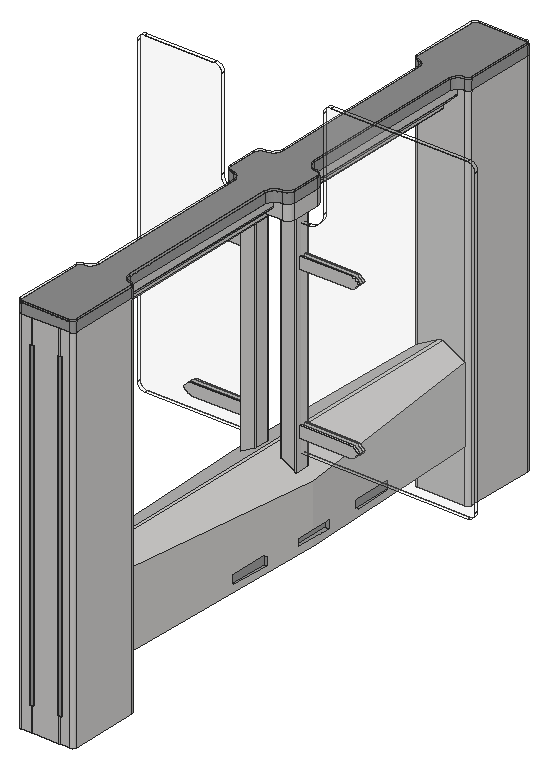
Revit family "CAME_Турникет_Скоростной_SWINGGATE_SWG90MРаздвижнойЦентральныйМодуль", category Специальное оборудование, Revit 2019
Family settings
  Размер круглого соединителя = Использовать диаметр
  Тип детали = Нормальный
  На основе рабочей плоскости = Нет
  Всегда вертикально = Да
  При загрузке вырезать с полостями = Нет
  Общий = Нет
  Точка расчета площади = Нет
Parameters (values of type "550 + 900")
  х2 = 102.5 mm  # constant formula
  х1 = 72.5 mm  # constant formula
  Правая = 425 mm  # constant formula
  Описание = "Комбинированный центральный модуль распашного турникета SWING GATE SWG90M, оснащенный платой управления и светодиодными указателями прохода и направления. Корпус - нержавеющая сталь. Сервопозиционный электропривод створки с определением препятствий и автоматической разблокировкой при отключении электроэнергии. Створка из 10 мм закаленного стекла. Ширина прохода 550 + 900 мм. Высота створки 1200 мм. Время открытия - 2.2 сек."
  Левая = 250 mm
  Изготовитель = "CAME"  # constant formula
  Группа модели = "Турникеты"  # constant formula
  Watermark [instance] = "Модели защищены уникальным кодом"
  URL = "https://camerussia.com"
  CAME_Тип механизма турникета = "моторизованный"  # constant formula
  CAME_Напряжение электропитания двигателя (В) = 24 V  # constant formula
  CAME_Максимальное количество проходов в минуту = "30"  # constant formula
  CAME_Класс защиты (IP) = "44"  # constant formula
  CAME_Интенсивность использования (%) = "ИНТЕНСИВНОЕ"  # constant formula
  CAME_Диапазон рабочих температур (°C) = "-20 ÷ +68"  # constant formula
  CAME_Время открывания (с) = "2.2"  # constant formula
  BL_Разработано = "support@bimlib.pro"  # constant formula
  BL_Email = "cru.info@came.com"  # constant formula
  BL_BIM library = "https://bimlib.pro/manufacturer/came/cf0b6efe-31e5-4ffa-b7ea-1d6fa84041d4/?tab=products"
  ADSK_Размер_Ширина = 205 mm + Левая + Правая  # 880 mm
  ADSK_Размер_Глубина = 1488 mm  # constant formula
  ADSK_Размер_Высота = 1000 mm  # constant formula
  ADSK_Полная мощность = ADSK_Номинальная мощность / ADSK_Коэффициент мощности  # 81.25 VA
  ADSK_Обозначение = "ТУ 26.30.50-001-89603926-2021"  # constant formula
  ADSK_Номинальная мощность = 78 W  # constant formula
  ADSK_Напряжение = 230 V  # constant formula
  ADSK_Наименование краткое = if(Левая = 250 mm, "Центр. модуль турникета SWING GATE SWG90, 550 + 900 мм", "Центр. модуль турникета SWING GATE SWG90, 900 + 900 мм")  # "Центр. модуль турникета SWING GATE SWG90, 550 + 900 мм"
  ADSK_Наименование = if(Левая = 250 mm, "Центральный модуль скоростного распашного турникета SWING GATE SWG90 комбинированный, ширина прохода 550 + 900 мм", "Центральный модуль скоростного распашного турникета SWING GATE SWG90, ширина прохода 900 + 900 мм")  # "Центральный модуль скоростного распашного турникета SWING GATE SWG90 комбинированный, ширина прохода 550 + 900 мм"
  ADSK_Масса_Текст = if(Левая = 250 mm, "77", "90")  # "77"
  ADSK_Масса = if(Левая = 250 mm, 77, 90)  # 77
  ADSK_Марка = if(Левая = 250 mm, "АРТ:001SWG5590MC", "АРТ:001SWG90MC")  # "АРТ:001SWG5590MC"
  ADSK_Коэффициент мощности = 0.96
  ADSK_Количество фаз = 1  # constant formula
  ADSK_Количество = 1  # constant formula
  ADSK_Код изделия = "Код КСР 26.30.50.119.61.2.07.09"  # constant formula
  ADSK_Классификация нагрузок = Прочее
  ADSK_Завод-изготовитель = "CAME"  # constant formula
  ADSK_Единица измерения = "шт."  # constant formula
  ADSK_Группирование = "SWING GATE"  # constant formula
  ADSK_Версия семейства = "1.0"  # constant formula
  ADSK_Версия Revit = "2019"  # constant formula
  ADSK_URL страницы изделия = "https://camerussia.com/product/001swg5590mc/"
  ADSK_URL документации изделия = "https://camerussia.com/uploads/support/instructions/files/Инструкция%20Swing%20Gate%20SWG55-SWG90.pdf"
Types (3, lengths in mm): name | Описание | Левая | ADSK_Размер_Ширина | ADSK_Наименование краткое | ADSK_Наименование | ADSK_Масса_Текст | ADSK_Масса | ADSK_Марка | ADSK_URL страницы изделия
  (no name) | "Комбинированный центральный модуль распашного турникета SWING GATE SWG90M, оснащенный платой управления и светодиодными указателями прохода и направления. Корпус - нержавеющая сталь. Сервопозиционный электропривод створки с определением препятствий и автоматической разблокировкой при отключении электроэнергии. Створка из 10 мм закаленного стекла. Ширина прохода 550 + 900 мм. Высота створки 1200 мм. Время открытия - 2.2 сек." | 250 | 880 | "Центр. модуль турникета SWING GATE SWG90, 550 + 900 мм" | "Центральный модуль скоростного распашного турникета SWING GATE SWG90 комбинированный, ширина прохода 550 + 900 мм" | "77" | 77 | "АРТ:001SWG5590MC" | "https://camerussia.com/product/001swg5590mc/"
  550 + 900 | "Комбинированный центральный модуль распашного турникета SWING GATE SWG90M, оснащенный платой управления и светодиодными указателями прохода и направления. Корпус - нержавеющая сталь. Сервопозиционный электропривод створки с определением препятствий и автоматической разблокировкой при отключении электроэнергии. Створка из 10 мм закаленного стекла. Ширина прохода 550 + 900 мм. Высота створки 1200 мм. Время открытия - 2.2 сек." | 250 | 880 | "Центр. модуль турникета SWING GATE SWG90, 550 + 900 мм" | "Центральный модуль скоростного распашного турникета SWING GATE SWG90 комбинированный, ширина прохода 550 + 900 мм" | "77" | 77 | "АРТ:001SWG5590MC" | "https://camerussia.com/product/001swg5590mc/"
  900 + 900 | "Центральный модуль распашного турникета SWING GATE SWG90M, оснащенный платой управления и светодиодными указателями прохода и направления. Корпус - нержавеющая сталь. Сервопозиционный электропривод створки с определением препятствий и автоматической разблокировкой при отключении электроэнергии. Створка из 10 мм закаленного стекла. Ширина прохода 900 мм. Высота створки 1200 мм. Время открытия - 2.2 сек." | 425 | 1055 | "Центр. модуль турникета SWING GATE SWG90, 900 + 900 мм" | "Центральный модуль скоростного распашного турникета SWING GATE SWG90, ширина прохода 900 + 900 мм" | "90" | 90 | "АРТ:001SWG90MC" | "https://camerussia.com/product/001swg90mc/"
Reference planes
  plane 1 "По центру (Вперед/Назад)": y = 0
  plane 2: z = 0
  plane 3 "По центру (Влево/Вправо)": x = 0
  plane 4: y = 744
  plane 5: y = -744
  plane 6: z = 1000
  plane 7: x = -102.5
  plane 8: x = 102.5
  plane 9: x = -72.5
  plane 10: x = 72.5
  plane 11: z = 1200
  plane 12: y = 544
  plane 13: y = -544
  plane 14: z = 970
  plane 15: z = 105
  plane 16: z = 365
  plane 17: z = 312.5
  plane 18: z = 157.5
  plane 19: x = -5
  plane 20: x = 5
  plane 21: z = 930
  plane 22: z = 905
  plane 23: x = -202.5
  plane 24: x = -227.5
  plane 25: x = 202.5
  plane 26: x = 227.5
  plane 27: x = -36.25
  plane 28: x = 36.25
  plane 29: x = -36.25
  plane 30: x = 36.25
  plane 31: x = 527.5
  plane 32: x = -352.5
Forms (mm)
  Extrusion 1, solid, material "CAME_Стекло_Закаленное_Черное", detail levels fine
    sketch origin (-925.693, -1524, 1000) x (-1, 0, 0) y (0, -1, 0)
      loop
        arc (-863.193, -2268) -> (-856.122, -2265.071) -> (-853.193, -2258) r 10
        line (-853.193, -2258) -> (-853.193, -2078)
        arc (-853.193, -2078) -> (-856.122, -2070.929) -> (-863.193, -2068) r 10
        arc (-863.193, -2068) -> (-879.103, -2061.41) -> (-885.693, -2045.5) r 22.5
        line (-885.693, -2045.5) -> (-885.693, -1604)
        arc (-885.693, -1604) -> (-878.371, -1586.322) -> (-860.693, -1579) r 25
        arc (-860.693, -1579) -> (-848.334, -1573.88) -> (-843.214, -1561.521) r 17.479
        line (-843.214, -1561.521) -> (-843.214, -1486.479)
        arc (-843.214, -1486.479) -> (-848.334, -1474.12) -> (-860.693, -1469) r 17.479
        arc (-860.693, -1469) -> (-878.371, -1461.678) -> (-885.693, -1444) r 25
        line (-885.693, -1444) -> (-885.693, -1002.5)
        arc (-885.693, -1002.5) -> (-879.103, -986.59) -> (-863.193, -980) r 22.5
        arc (-863.193, -980) -> (-856.122, -977.071) -> (-853.193, -970) r 10
        line (-853.193, -970) -> (-853.193, -790)
        arc (-853.193, -790) -> (-856.122, -782.929) -> (-863.193, -780) r 10
        line (-863.193, -780) -> (-988.193, -780)
        arc (-988.193, -780) -> (-995.264, -782.929) -> (-998.193, -790) r 10
        line (-998.193, -790) -> (-998.193, -970)
        arc (-998.193, -970) -> (-995.264, -977.071) -> (-988.193, -980) r 10
        arc (-988.193, -980) -> (-972.283, -986.59) -> (-965.693, -1002.5) r 22.5
        line (-965.693, -1002.5) -> (-965.693, -1444)
        arc (-965.693, -1444) -> (-973.016, -1461.678) -> (-990.693, -1469) r 25
        arc (-990.693, -1469) -> (-1003.053, -1474.12) -> (-1008.173, -1486.479) r 17.479
        line (-1008.173, -1486.479) -> (-1008.173, -1561.521)
        arc (-1008.173, -1561.521) -> (-1003.053, -1573.88) -> (-990.693, -1579) r 17.479
        arc (-990.693, -1579) -> (-973.016, -1586.322) -> (-965.693, -1604) r 25
        line (-965.693, -1604) -> (-965.693, -2045.5)
        arc (-965.693, -2045.5) -> (-972.283, -2061.41) -> (-988.193, -2068) r 22.5
        arc (-988.193, -2068) -> (-995.264, -2070.929) -> (-998.193, -2078) r 10
        line (-998.193, -2078) -> (-998.193, -2258)
        arc (-998.193, -2258) -> (-995.264, -2265.071) -> (-988.193, -2268) r 10
        line (-988.193, -2268) -> (-863.193, -2268)
    from 0 to -5
  Extrusion 2, solid, material "CAME_Сталь_Нержавеющая_AISI 304", detail levels fine
    sketch origin (0, 0, 0) x (1, 0, 0) y (0, 1, 0)
      loop
        arc (-72.5, -734) -> (-69.571, -741.071) -> (-62.5, -744) r 10
        line (-62.5, -744) -> (62.5, -744)
        arc (62.5, -744) -> (69.571, -741.071) -> (72.5, -734) r 10
        line (72.5, -734) -> (72.5, -554)
        arc (72.5, -554) -> (69.571, -546.929) -> (62.5, -544) r 10
        line (62.5, -544) -> (-62.5, -544)
        arc (-62.5, -544) -> (-69.571, -546.929) -> (-72.5, -554) r 10
        line (-72.5, -554) -> (-72.5, -734)
      loop
        line (-72.5, 734) -> (-72.5, 554)
        arc (-72.5, 554) -> (-69.571, 546.929) -> (-62.5, 544) r 10
        line (-62.5, 544) -> (62.5, 544)
        arc (62.5, 544) -> (69.571, 546.929) -> (72.5, 554) r 10
        line (72.5, 554) -> (72.5, 734)
        arc (72.5, 734) -> (69.571, 741.071) -> (62.5, 744) r 10
        line (62.5, 744) -> (-62.5, 744)
        arc (-62.5, 744) -> (-69.571, 741.071) -> (-72.5, 734) r 10
    from 0 to 970
  Extrusion 3, solid, material "CAME_Камень_Гранитный_SGL01", detail levels fine
    sketch origin (-925.693, -1524, 1000) x (-1, 0, 0) y (0, -1, 0)
      loop
        arc (-863.193, -2068) -> (-879.103, -2061.41) -> (-885.693, -2045.5) r 22.5
        line (-885.693, -2045.5) -> (-885.693, -1604)
        arc (-885.693, -1604) -> (-878.371, -1586.322) -> (-860.693, -1579) r 25
        arc (-860.693, -1579) -> (-848.334, -1573.88) -> (-843.214, -1561.521) r 17.479
        line (-843.214, -1561.521) -> (-843.214, -1486.479)
        arc (-843.214, -1486.479) -> (-848.334, -1474.12) -> (-860.693, -1469) r 17.479
        arc (-860.693, -1469) -> (-878.371, -1461.678) -> (-885.693, -1444) r 25
        line (-885.693, -1444) -> (-885.693, -1002.5)
        arc (-885.693, -1002.5) -> (-879.103, -986.59) -> (-863.193, -980) r 22.5
        arc (-863.193, -980) -> (-856.122, -977.071) -> (-853.193, -970) r 10
        line (-853.193, -970) -> (-853.193, -790)
        arc (-853.193, -790) -> (-856.122, -782.929) -> (-863.193, -780) r 10
        line (-863.193, -780) -> (-988.193, -780)
        arc (-988.193, -780) -> (-995.264, -782.929) -> (-998.193, -790) r 10
        line (-998.193, -790) -> (-998.193, -970)
        arc (-998.193, -970) -> (-995.264, -977.071) -> (-988.193, -980) r 10
        arc (-988.193, -980) -> (-972.283, -986.59) -> (-965.693, -1002.5) r 22.5
        line (-965.693, -1002.5) -> (-965.693, -1444)
        arc (-965.693, -1444) -> (-973.016, -1461.678) -> (-990.693, -1469) r 25
        arc (-990.693, -1469) -> (-1003.053, -1474.12) -> (-1008.173, -1486.479) r 17.479
        line (-1008.173, -1486.479) -> (-1008.173, -1561.521)
        arc (-1008.173, -1561.521) -> (-1003.053, -1573.88) -> (-990.693, -1579) r 17.479
        arc (-990.693, -1579) -> (-973.016, -1586.322) -> (-965.693, -1604) r 25
        line (-965.693, -1604) -> (-965.693, -2045.5)
        arc (-965.693, -2045.5) -> (-972.283, -2061.41) -> (-988.193, -2068) r 22.5
        arc (-988.193, -2068) -> (-995.264, -2070.929) -> (-998.193, -2078) r 10
        line (-998.193, -2078) -> (-998.193, -2258)
        arc (-998.193, -2258) -> (-995.264, -2265.071) -> (-988.193, -2268) r 10
        line (-988.193, -2268) -> (-863.193, -2268)
        arc (-863.193, -2268) -> (-856.122, -2265.071) -> (-853.193, -2258) r 10
        line (-853.193, -2258) -> (-853.193, -2078)
        arc (-853.193, -2078) -> (-856.122, -2070.929) -> (-863.193, -2068) r 10
    from -5 to -30
  Extrusion 4, solid, material "CAME_Сталь_Нержавеющая_AISI 304", detail levels fine
    sketch origin (-474.43, -1524, 105) x (-1, 0, 0) y (0, -1, 0)
      loop
        line (-411.93, -980) -> (-536.93, -980)
        arc (-536.93, -980) -> (-576.93, -1524) -> (-536.93, -2068) r 3719.2
        line (-536.93, -2068) -> (-411.93, -2068)
        arc (-411.93, -2068) -> (-371.93, -1524) -> (-411.93, -980) r 3719.2
    from 0 to 260
  Extrusion 5, void
    sketch origin (0, 0, 0) x (-1, 0, 0) y (0, 0, 1)
      loop
        line (-5, 365) -> (-102.5, 365) -> (-102.5, 310.955) -> (-5, 365)
      loop
        line (5, 365) -> (102.5, 310.955) -> (102.5, 365) -> (5, 365)
      loop
        line (-5, 105) -> (-102.5, 159.045) -> (-102.5, 105) -> (-5, 105)
      loop
        line (5, 105) -> (102.5, 105) -> (102.5, 159.045) -> (5, 105)
    from -554 to 554
  Extrusion 6, solid, material "CAME_Сталь_Нержавеющая_AISI 304", detail levels fine
    sketch origin (0, 0, 0) x (1, 0, 0) y (0, 0, 1)
      loop
        line (-40, 970) -> (-40, 952.071)
        arc (-40, 952.071) -> (-39.619, 950.158) -> (-38.536, 948.536) r 5
        line (-38.536, 948.536) -> (-21.464, 931.464)
        arc (-21.464, 931.464) -> (-19.842, 930.381) -> (-17.929, 930) r 5
        line (-17.929, 930) -> (-10, 930)
        arc (-10, 930) -> (-6.464, 928.536) -> (-5, 925) r 5
        line (-5, 925) -> (-5, 907.019)
        arc (-5, 907.019) -> (-4.409, 905.591) -> (-2.981, 905) r 2.019
        line (-2.981, 905) -> (3, 905)
        arc (3, 905) -> (4.414, 905.586) -> (5, 907) r 2
        line (5, 907) -> (5, 925)
        arc (5, 925) -> (6.464, 928.536) -> (10, 930) r 5
        line (10, 930) -> (17.929, 930)
        arc (17.929, 930) -> (19.842, 930.381) -> (21.464, 931.464) r 5
        line (21.464, 931.464) -> (38.536, 948.536)
        arc (38.536, 948.536) -> (39.619, 950.158) -> (40, 952.071) r 5
        line (40, 952.071) -> (40, 970) -> (-40, 970)
    from -544 to 544
  Extrusion 7, solid, material "CAME_Сталь_Нержавеющая_AISI 304", detail levels fine
    sketch origin (-925.693, -1524, 970) x (-1, 0, 0) y (0, -1, 0)
      loop
        line (-843.214, -1561.521) -> (-843.214, -1486.479)
        arc (-843.214, -1486.479) -> (-848.334, -1474.12) -> (-860.693, -1469) r 17.479
        line (-860.693, -1469) -> (-990.693, -1469)
        arc (-990.693, -1469) -> (-1003.053, -1474.12) -> (-1008.173, -1486.479) r 17.479
        line (-1008.173, -1486.479) -> (-1008.173, -1561.521)
        arc (-1008.173, -1561.521) -> (-1003.053, -1573.88) -> (-990.693, -1579) r 17.479
        line (-990.693, -1579) -> (-860.693, -1579)
        arc (-860.693, -1579) -> (-848.334, -1573.88) -> (-843.214, -1561.521) r 17.479
    from 0 to -40
  Extrusion 8, solid, material "CAME_Сталь_Нержавеющая_AISI 304", detail levels fine
    sketch origin (-435.329, -1524, 930) x (-1, 0, 0) y (0, -1, 0)
      loop
        arc (-364.829, -1544) -> (-363.415, -1543.414) -> (-362.829, -1542) r 2
        line (-362.829, -1542) -> (-362.829, -1506)
        arc (-362.829, -1506) -> (-363.415, -1504.586) -> (-364.829, -1504) r 2
        line (-364.829, -1504) -> (-400.829, -1504)
        arc (-400.829, -1504) -> (-402.244, -1504.586) -> (-402.829, -1506) r 2
        line (-402.829, -1506) -> (-402.829, -1542)
        arc (-402.829, -1542) -> (-402.244, -1543.414) -> (-400.829, -1544) r 2
        line (-400.829, -1544) -> (-364.829, -1544)
      loop
        arc (-469.829, -1544) -> (-468.415, -1543.414) -> (-467.829, -1542) r 2
        line (-467.829, -1542) -> (-467.829, -1506)
        arc (-467.829, -1506) -> (-468.415, -1504.586) -> (-469.829, -1504) r 2
        line (-469.829, -1504) -> (-505.829, -1504)
        arc (-505.829, -1504) -> (-507.244, -1504.586) -> (-507.829, -1506) r 2
        line (-507.829, -1506) -> (-507.829, -1542)
        arc (-507.829, -1542) -> (-507.244, -1543.414) -> (-505.829, -1544) r 2
        line (-505.829, -1544) -> (-469.829, -1544)
    from 0 to -617.5
  Extrusion 9, solid, material "CAME_Стекло_Закаленное", detail levels medium+fine
    sketch origin (0, 0, 0) x (1, 0, 0) y (0, 0, 1)
      loop
        line (-72.5, 365) -> (-72.5, 905) -> (-92.5, 905)
        arc (-92.5, 905) -> (-120.784, 916.716) -> (-132.5, 945) r 40
        line (-132.5, 945) -> (-132.5, 1180)
        arc (-132.5, 1180) -> (-138.358, 1194.142) -> (-152.5, 1200) r 20
        line (-152.5, 1200) -> (-332.5, 1200)
        arc (-332.5, 1200) -> (-346.642, 1194.142) -> (-352.5, 1180) r 20
        line (-352.5, 1180) -> (-352.5, 385)
        arc (-352.5, 385) -> (-346.642, 370.858) -> (-332.5, 365) r 20
        line (-332.5, 365) -> (-72.5, 365)
      loop
        line (72.5, 365) -> (507.5, 365)
        arc (507.5, 365) -> (521.642, 370.858) -> (527.5, 385) r 20
        line (527.5, 385) -> (527.5, 1180)
        arc (527.5, 1180) -> (521.642, 1194.142) -> (507.5, 1200) r 20
        line (507.5, 1200) -> (152.5, 1200)
        arc (152.5, 1200) -> (138.358, 1194.142) -> (132.5, 1180) r 20
        line (132.5, 1180) -> (132.5, 945)
        arc (132.5, 945) -> (120.784, 916.716) -> (92.5, 905) r 40
        line (92.5, 905) -> (72.5, 905) -> (72.5, 365)
    from -5 to 5
  Extrusion 10, solid, material "CAME_Сталь_Нержавеющая_AISI 304", detail levels fine
    sketch origin (0, 0, 0) x (1, 0, 0) y (0, 0, 1)
      loop
        line (-72.5, 405) -> (-72.5, 435) -> (-202.5, 435)
        arc (-202.5, 435) -> (-217.077, 430.962) -> (-227.5, 420) r 28.333
        arc (-227.5, 420) -> (-217.077, 409.038) -> (-202.5, 405) r 28.333
        line (-202.5, 405) -> (-72.5, 405)
      loop
        line (-72.5, 830) -> (-202.5, 830)
        arc (-202.5, 830) -> (-217.077, 825.962) -> (-227.5, 815) r 28.333
        arc (-227.5, 815) -> (-217.077, 804.038) -> (-202.5, 800) r 28.333
        line (-202.5, 800) -> (-72.5, 800) -> (-72.5, 830)
      loop
        line (72.5, 405) -> (202.5, 405)
        arc (202.5, 405) -> (217.077, 409.038) -> (227.5, 420) r 28.333
        arc (227.5, 420) -> (217.077, 430.962) -> (202.5, 435) r 28.333
        line (202.5, 435) -> (72.5, 435) -> (72.5, 405)
      loop
        line (72.5, 830) -> (72.5, 800) -> (202.5, 800)
        arc (202.5, 800) -> (217.077, 804.038) -> (227.5, 815) r 28.333
        arc (227.5, 815) -> (217.077, 825.962) -> (202.5, 830) r 28.333
        line (202.5, 830) -> (72.5, 830)
    from 5 to 10
  Extrusion 11, solid, material "CAME_Сталь_Нержавеющая_AISI 304", detail levels fine
    sketch origin (0, 0, 0) x (1, 0, 0) y (0, 0, 1)
      loop
        line (-72.5, 435) -> (-202.5, 435)
        arc (-202.5, 435) -> (-217.077, 430.962) -> (-227.5, 420) r 28.333
        arc (-227.5, 420) -> (-217.077, 409.038) -> (-202.5, 405) r 28.333
        line (-202.5, 405) -> (-72.5, 405) -> (-72.5, 435)
      loop
        line (202.5, 435) -> (72.5, 435) -> (72.5, 405) -> (202.5, 405)
        arc (202.5, 405) -> (217.077, 409.038) -> (227.5, 420) r 28.333
        arc (227.5, 420) -> (217.077, 430.962) -> (202.5, 435) r 28.333
      loop
        line (72.5, 800) -> (202.5, 800)
        arc (202.5, 800) -> (217.077, 804.038) -> (227.5, 815) r 28.333
        arc (227.5, 815) -> (217.077, 825.962) -> (202.5, 830) r 28.333
        line (202.5, 830) -> (72.5, 830) -> (72.5, 800)
      loop
        line (-202.5, 800) -> (-72.5, 800) -> (-72.5, 830) -> (-202.5, 830)
        arc (-202.5, 830) -> (-217.077, 825.962) -> (-227.5, 815) r 28.333
        arc (-227.5, 815) -> (-217.077, 804.038) -> (-202.5, 800) r 28.333
    from -10 to -5
  Extrusion 12, void
    sketch origin (-102.5, -903.392, 1200) x (0, -1, 0) y (0, 0, 1)
      loop
        line (-953.392, -1002.5) -> (-953.392, -1022.5) -> (-853.392, -1022.5) -> (-853.392, -1002.5) -> (-953.392, -1002.5)
      loop
        line (-753.392, -1002.5) -> (-753.392, -1022.5) -> (-653.392, -1022.5) -> (-653.392, -1002.5) -> (-753.392, -1002.5)
      loop
        line (-1053.392, -1002.5) -> (-1153.392, -1002.5) -> (-1153.392, -1022.5) -> (-1053.392, -1022.5) -> (-1053.392, -1002.5)
    from 0 to -10.5
  Extrusion 13, void
    sketch origin (102.5, 921.151, 1200) x (0, -1, 0) y (0, 0, 1)
      loop
        line (871.151, -1002.5) -> (871.151, -1022.5) -> (971.151, -1022.5) -> (971.151, -1002.5) -> (871.151, -1002.5)
      loop
        line (1071.151, -1002.5) -> (1071.151, -1022.5) -> (1171.151, -1022.5) -> (1171.151, -1002.5) -> (1071.151, -1002.5)
      loop
        line (771.151, -1002.5) -> (671.151, -1002.5) -> (671.151, -1022.5) -> (771.151, -1022.5) -> (771.151, -1002.5)
    from 0 to 10.5
  Extrusion 14, void
    sketch origin (0, 0, 0) x (1, 0, 0) y (0, 1, 0)
      loop
        arc (-34.75, -744) -> (-36.25, -742.5) -> (-37.75, -744) r 1.5
        line (-37.75, -744) -> (-34.75, -744)
      loop
        arc (37.75, -744) -> (36.25, -742.5) -> (34.75, -744) r 1.5
        line (34.75, -744) -> (37.75, -744)
      loop
        line (-34.75, 744) -> (-37.75, 744)
        arc (-37.75, 744) -> (-36.25, 742.5) -> (-34.75, 744) r 1.5
      loop
        line (37.75, 744) -> (34.75, 744)
        arc (34.75, 744) -> (36.25, 742.5) -> (37.75, 744) r 1.5
    from 0 to 970
  Extrusion 15, void
    sketch origin (0, 0, 0) x (1, 0, 0) y (0, 1, 0)
      loop
        line (-31.25, -744) -> (-31.25, -739) -> (-41.25, -739) -> (-41.25, -744) -> (-31.25, -744)
      loop
        line (31.25, -744) -> (41.25, -744) -> (41.25, -739) -> (31.25, -739) -> (31.25, -744)
      loop
        line (-31.25, 744) -> (-41.25, 744) -> (-41.25, 739) -> (-31.25, 739) -> (-31.25, 744)
      loop
        line (31.25, 744) -> (31.25, 739) -> (41.25, 739) -> (41.25, 744) -> (31.25, 744)
    from 65 to 905
  Extrusion 16, solid, material "Индикатор синий", detail levels fine
    sketch origin (0, 0, 0) x (1, 0, 0) y (0, 1, 0)
      loop
        line (-41.25, 744) -> (-41.25, 739) -> (-31.25, 739) -> (-31.25, 744) -> (-41.25, 744)
      loop
        line (31.25, 744) -> (31.25, 739) -> (41.25, 739) -> (41.25, 744) -> (31.25, 744)
      loop
        line (-41.25, -739) -> (-41.25, -744) -> (-31.25, -744) -> (-31.25, -739) -> (-41.25, -739)
      loop
        line (31.25, -739) -> (31.25, -744) -> (41.25, -744) -> (41.25, -739) -> (31.25, -739)
    from 65 to 905
  Extrusion 17, solid, material "CAME_Сталь_Нержавеющая_AISI 304", detail levels medium
    sketch origin (0, 0, 0) x (0, 1, 0) y (0, 0, 1)
      loop
        line (744, 0) -> (744, 1000) -> (-744, 1000) -> (-744, 0) -> (-544, 0) -> (-544, 105) -> (544, 105) -> (544, 0) -> (744, 0)
      loop
        line (-544, 365) -> (-20, 365) -> (-20, 905) -> (-544, 905) -> (-544, 365)
      loop
        line (544, 905) -> (20, 905) -> (20, 365) -> (544, 365) -> (544, 905)
    from -72.5 to 72.5
Cuts and joins
  Extrusion 13, Extrusion 14, Extrusion 15 cuts Extrusion 2
  Extrusion 5, Extrusion 12, Extrusion 13 cuts Extrusion 4
  Extrusion 13 cuts Extrusion 8
  joined: Extrusion 2, Extrusion 4, Extrusion 8
  joined: Extrusion 6, Extrusion 7
Lines and regions (mm)
  model lines, style "CAME", detail levels coarse
    curve 1: line (-40, -544, 0) -> (-40, 544, 0)
    curve 2: line (40, -544, 0) -> (40, 544, 0)
    curve 3: line (-72.5, 744, 0) -> (72.5, 744, 0)
    curve 4: line (-72.5, 544, 0) -> (-72.5, 744, 0)
    curve 5: line (72.5, 544, 0) -> (40, 544, 0)
    curve 6: line (72.5, 744, 0) -> (72.5, 544, 0)
    curve 7: line (-72.5, -744, 0) -> (72.5, -744, 0)
    curve 8: line (-72.5, -544, 0) -> (-72.5, -744, 0)
    curve 9: line (72.5, -544, 0) -> (40, -544, 0)
    curve 10: line (72.5, -744, 0) -> (72.5, -544, 0)
    curve 11: line (40, 0, 0) -> (527.5, 0, 0)
    curve 12: line (-40, 0, 0) -> (-352.5, 0, 0)
    curve 13: line (-40, -544, 0) -> (-72.5, -544, 0)
    curve 14: line (-40, 544, 0) -> (-72.5, 544, 0)
Dimensions and locks
  equal spacing: plane 5, plane 1 "По центру (Вперед/Назад)", plane 4
  "ADSK_Размер_Глубина": plane 5 to plane 4
  "ADSK_Размер_Высота": plane 6 to plane 2
  "х2": plane 7 to plane 3 "По центру (Влево/Вправо)" to plane 8
  "х1": plane 9 to plane 3 "По центру (Влево/Вправо)" to plane 10
  locked: plane 11 to plane 2 at 1200
  locked: plane 4 to plane 12 at 200
  locked: plane 13 to plane 5 at 200
  Extrusion 1 sketch curve to plane 3 "По центру (Влево/Вправо)" to Extrusion 1 sketch curve = 40 mm locked, 40 mm locked
  Extrusion 1 sketch curve to plane 3 "По центру (Влево/Вправо)" to Extrusion 1 sketch curve = 82.479 mm locked, 82.479 mm locked
  locked: plane 6 to plane 14 at 30
  locked: plane 5 to Extrusion 2 sketch curve at 200
  locked: plane 4 to Extrusion 2 sketch curve at 200
  locked: plane 16 to plane 15 at 260
  locked: plane 17 to plane 18 at 155
  locked: plane 15 to plane 2 at 105
  locked: plane 18 to plane 15 at 52.5
  plane 19 to plane 3 "По центру (Влево/Вправо)" to plane 20 = 5 mm locked, 5 mm locked
  locked: plane 14 to plane 21 at 40
  locked: plane 14 to plane 22 at 65
  Extrusion 6 sketch curve to Extrusion 6 sketch curve to Extrusion 6 sketch curve to Extrusion 6 sketch curve to Extrusion 6 sketch curve to plane 3 "По центру (Влево/Вправо)" to Extrusion 6 sketch curve to Extrusion 6 sketch curve to Extrusion 6 sketch curve to Extrusion 6 sketch curve to Extrusion 6 sketch curve = 5 mm locked, 17.071 mm locked, 7.929 mm locked, 5 mm locked, 5 mm locked, 5 mm locked, 5 mm locked, 7.929 mm locked, 17.071 mm locked, 5 mm locked
  Extrusion 6 sketch curve to Extrusion 6 sketch curve to plane 21 to Extrusion 6 sketch curve = 17.071 mm locked, 5 mm locked, 5 mm locked  (x2)
  locked: Extrusion 4 sketch curve to plane 4 at 200
  locked: plane 5 to Extrusion 4 sketch curve at 200
  Extrusion 4 sketch curve to plane 3 "По центру (Влево/Вправо)" to Extrusion 4 sketch curve = 62.5 mm locked, 62.5 mm locked  (x2)
  Extrusion 8 sketch curve to plane 1 "По центру (Вперед/Назад)" to Extrusion 8 sketch curve = 20 mm locked, 20 mm locked
  Extrusion 8 sketch curve to Extrusion 8 sketch curve to plane 3 "По центру (Влево/Вправо)" = 40 mm locked, 32.5 mm locked
  plane 3 "По центру (Влево/Вправо)" to Extrusion 8 sketch curve to Extrusion 8 sketch curve = 32.5 mm locked, 40 mm locked
  locked: plane 8 to Extrusion 9 sketch curve at 30
  Extrusion 10 sketch curve to Extrusion 10 sketch curve to plane 16 = 30 mm locked, 40 mm locked  (x2)
  plane 22 to Extrusion 10 sketch curve to Extrusion 10 sketch curve = 75 mm locked, 30 mm locked  (x2)
  plane 18 to Extrusion 12 sketch curve to Extrusion 12 sketch curve = 20 mm, 20 mm
  Extrusion 12 sketch curve to Extrusion 12 sketch curve to Extrusion 12 sketch curve to plane 1 "По центру (Вперед/Назад)" to Extrusion 12 sketch curve to Extrusion 12 sketch curve to Extrusion 12 sketch curve = 100 mm locked, 100 mm locked, 50 mm locked, 50 mm locked, 100 mm locked, 100 mm locked
  Extrusion 13 sketch curve to Extrusion 13 sketch curve to plane 18 = 20 mm locked, 20 mm locked
  Extrusion 13 sketch curve to Extrusion 13 sketch curve to Extrusion 13 sketch curve to plane 1 "По центру (Вперед/Назад)" to Extrusion 13 sketch curve to Extrusion 13 sketch curve to Extrusion 13 sketch curve = 100 mm locked, 100 mm locked, 50 mm locked, 50 mm locked, 100 mm locked, 100 mm locked
  plane 9 to plane 27 to plane 3 "По центру (Влево/Вправо)" to plane 28 to plane 10 = 36.25 mm, 36.25 mm, 36.25 mm, 36.25 mm
  plane 9 to plane 29 to plane 3 "По центру (Влево/Вправо)" to plane 30 to plane 10 = 36.25 mm, 36.25 mm, 36.25 mm, 36.25 mm
  locked: plane 5 to Extrusion 15 sketch curve at 5
  Extrusion 15 sketch curve to plane 29 to Extrusion 15 sketch curve = 5 mm locked, 5 mm locked  (x2)
  Extrusion 15 sketch curve to plane 30 to Extrusion 15 sketch curve = 5 mm locked, 5 mm locked  (x2)
  locked: plane 4 to Extrusion 15 sketch curve at 5
  locked: plane 4 to Extrusion 17 sketch curve at 200
  locked: Extrusion 17 sketch curve to plane 5 at 200
  Extrusion 17 sketch curve to plane 1 "По центру (Вперед/Назад)" to Extrusion 17 sketch curve = 20 mm locked, 20 mm locked
  locked: plane 5 to curve 13 at 200
  plane 4 to curve 14 = 200 mm
  curve 1 to plane 3 "По центру (Влево/Вправо)" to curve 2 = 40 mm locked, 40 mm locked
  locked: plane 7 to Extrusion 9 sketch curve at 30
  "Левая": plane 32 to plane 7
  "Правая": plane 8 to plane 31
  radius of Extrusion 1 sketch curve = 10 mm  (x2)
  radius of Extrusion 1 sketch curve = 25 mm  (x4)
  radius of Extrusion 2 sketch curve = 10 mm  (x4)
  radius of Extrusion 6 sketch curve = 5 mm  (x6)
  radius of Extrusion 6 sketch curve = 2.019 mm
  radius of Extrusion 6 sketch curve = 2 mm
  radius of Extrusion 9 sketch curve = 20 mm  (x6)
  radius of Extrusion 9 sketch curve = 40 mm  (x2)
  locked: plane 16 to Extrusion 5 sketch curve (angle 29.00°)
  locked: Extrusion 5 sketch curve to plane 16 (angle 29.00°)
  locked: Extrusion 5 sketch curve to plane 15 (angle 29.00°)
  locked: plane 15 to Extrusion 5 sketch curve (angle 29.00°)
  aligned and locked: level to plane 2
  aligned and locked: plane 5 to Extrusion 1 sketch curve
  aligned and locked: Extrusion 1 sketch curve to plane 9
  aligned and locked: plane 10 to Extrusion 1 sketch curve
  aligned and locked: Extrusion 1 sketch curve to plane 4
  aligned and locked: Extrusion 1 sketch curve to plane 10
  aligned and locked: plane 9 to Extrusion 1 sketch curve
  aligned and locked: Extrusion 1 sketch curve to Extrusion 1 sketch curve  (x2)
  aligned and locked: Extrusion 2 sketch curve to Extrusion 1  (x4)
  aligned and locked: Extrusion 1 to Extrusion 2 sketch curve  (x2)
  aligned and locked: plane 13 to Extrusion 1 sketch curve  (x2)
  aligned and locked: plane 12 to Extrusion 1 sketch curve  (x2)
  aligned and locked: Extrusion 3 sketch curve to Extrusion 1  (x20)
  aligned and locked: Extrusion 3 to plane 14
  aligned and locked: Extrusion 4 to plane 16
  aligned and locked: Extrusion 4 to plane 15
  aligned and locked: plane 16 to Extrusion 5 sketch curve
  aligned and locked: Extrusion 5 sketch curve to plane 16
  aligned and locked: Extrusion 5 sketch curve to plane 7
  aligned and locked: plane 8 to Extrusion 5 sketch curve
  aligned and locked: plane 19 to Extrusion 5 sketch curve  (x2)
  aligned and locked: plane 20 to Extrusion 5 sketch curve  (x2)
  aligned and locked: plane 15 to Extrusion 5 sketch curve
  aligned and locked: Extrusion 5 sketch curve to plane 15
  aligned and locked: Extrusion 5 sketch curve to plane 8
  aligned and locked: plane 7 to Extrusion 5 sketch curve
  aligned and locked: plane 22 to Extrusion 6 sketch curve
  aligned and locked: Extrusion 6 sketch curve to plane 14
  aligned and locked: Extrusion 7 sketch curve to Extrusion 1  (x4)
  aligned and locked: Extrusion 7 to plane 21
  aligned and locked: Extrusion 8 sketch curve to Extrusion 8 sketch curve  (x2)
  aligned and locked: plane 21 to Extrusion 8
  aligned and locked: Extrusion 8 to plane 17
  aligned and locked: Extrusion 9 sketch curve to plane 11
  aligned and locked: Extrusion 9 sketch curve to plane 16
  aligned and locked: Extrusion 9 sketch curve to plane 9
  aligned and locked: plane 22 to Extrusion 9 sketch curve
  aligned and locked: plane 11 to Extrusion 9 sketch curve
  aligned and locked: plane 16 to Extrusion 9 sketch curve
  aligned and locked: plane 10 to Extrusion 9 sketch curve
  aligned and locked: Extrusion 9 sketch curve to plane 22
  aligned and locked: plane 9 to Extrusion 10 sketch curve
  aligned and locked: Extrusion 10 sketch curve to plane 9
  aligned and locked: plane 23 to Extrusion 10 sketch curve  (x4)
  aligned and locked: plane 24 to Extrusion 10 sketch curve  (x2)
  aligned and locked: Extrusion 10 sketch curve to plane 25  (x3)
  aligned and locked: Extrusion 10 sketch curve to plane 26
  aligned and locked: plane 10 to Extrusion 10 sketch curve
  aligned and locked: Extrusion 10 sketch curve to plane 10
  aligned and locked: plane 25 to Extrusion 10 sketch curve
  aligned and locked: plane 26 to Extrusion 10 sketch curve
  aligned and locked: Extrusion 11 sketch curve to Extrusion 10  (x16)
  aligned and locked: Extrusion 12 sketch curve to Extrusion 12 sketch curve  (x4)
  aligned and locked: Extrusion 13 sketch curve to Extrusion 13 sketch curve  (x4)
  aligned and locked: plane 27 to Extrusion 14 sketch curve  (x2)
  aligned and locked: plane 28 to Extrusion 14 sketch curve  (x2)
  aligned and locked: plane 5 to Extrusion 14 sketch curve  (x4)
  aligned and locked: plane 4 to Extrusion 14 sketch curve  (x2)
  aligned and locked: Extrusion 14 sketch curve to plane 4  (x2)
  aligned and locked: plane 14 to Extrusion 14
  aligned and locked: plane 5 to Extrusion 15 sketch curve
  aligned and locked: Extrusion 15 sketch curve to plane 5
  aligned and locked: Extrusion 15 sketch curve to Extrusion 15 sketch curve  (x2)
  aligned and locked: plane 4 to Extrusion 15 sketch curve
  aligned and locked: Extrusion 15 sketch curve to plane 4
  aligned and locked: Extrusion 15 to plane 22
  aligned and locked: Extrusion 16 sketch curve to cut or joined group 1 (Extrusion 2, Extrusion 4, Extrusion 5, Extrusion 8, Extrusion 12, Extrusion 13, Extrusion 14, Extrusion 15)  (x12)
  aligned and locked: Extrusion 16 sketch curve to plane 4
  aligned and locked: Extrusion 16 sketch curve to plane 5
  aligned and locked: Extrusion 16 to cut or joined group 1
  aligned and locked: Extrusion 17 sketch curve to plane 6
  aligned and locked: plane 22 to Extrusion 17 sketch curve  (x2)
  aligned and locked: Extrusion 17 sketch curve to plane 4
  aligned and locked: Extrusion 17 sketch curve to plane 5
  aligned and locked: plane 2 to Extrusion 17 sketch curve
  aligned and locked: Extrusion 17 sketch curve to plane 2
  aligned and locked: Extrusion 17 sketch curve to Extrusion 17 sketch curve  (x2)
  aligned and locked: Extrusion 17 sketch curve to plane 16  (x2)
  aligned and locked: Extrusion 17 sketch curve to plane 15
  aligned and locked: curve 12 to plane 1 "По центру (Вперед/Назад)"
  aligned and locked: plane 1 "По центру (Вперед/Назад)" to curve 11
  aligned and locked: curve 3 to plane 4
  aligned and locked: curve 4 to plane 9
  aligned and locked: curve 6 to plane 10
  aligned and locked: plane 5 to curve 7
  aligned and locked: plane 10 to curve 10
  aligned and locked: plane 9 to curve 8
  aligned and locked: curve 9 to curve 13
  aligned and locked: curve 5 to curve 14
  aligned and locked: plane 31 to Extrusion 9 sketch curve
  aligned and locked: plane 32 to Extrusion 9 sketch curve
  aligned and locked: plane 32 to curve 12
  aligned and locked: plane 31 to curve 11
Automatic sketch dimensions
  Extrusion 1 sketch curve to plane 12 = 0 mm  (x2)
  Extrusion 1 sketch curve to plane 13 = 0 mm  (x2)
  Extrusion 1 sketch curve to Extrusion 1 sketch curve = 10 mm  (x2)
  Extrusion 1 sketch curve to plane 10 = 10 mm  (x2)
  Extrusion 1 sketch curve to plane 5 = 10 mm
  Extrusion 1 sketch curve to plane 9 = 10 mm
  Extrusion 1 sketch curve to plane 1 "По центру (Вперед/Назад)" = 80 mm
  Extrusion 1 sketch curve to Extrusion 1 sketch curve = 0 mm
  Extrusion 1 sketch curve to Extrusion 1 sketch curve = 17.479 mm  (x2)
  plane 1 "По центру (Вперед/Назад)" to Extrusion 1 sketch curve = 37.521 mm  (x2)
  Extrusion 1 sketch curve to Extrusion 1 sketch curve = 25 mm  (x2)
  Extrusion 8 sketch curve to plane 10 = 2 mm  (x2)
  Extrusion 8 sketch curve to Extrusion 8 sketch curve = 2 mm  (x4)
  Extrusion 8 sketch curve to plane 9 = 2 mm  (x2)
  Extrusion 14 sketch curve to Extrusion 14 sketch curve = 1.5 mm  (x4)
  plane 21 to Extrusion 6 sketch curve = 18.536 mm  (x2)
  plane 21 to Extrusion 6 sketch curve = 1.464 mm  (x2)
  Extrusion 10 sketch curve to Extrusion 10 sketch curve = 1.667 mm  (x4)
  plane 5 to Extrusion 16 sketch curve = 0 mm
  Extrusion 16 sketch curve to plane 4 = 0 mm
  plane 8 to Extrusion 4 sketch curve = 3514.2 mm
  plane 7 to Extrusion 4 sketch curve = 3514.2 mm
Connectors
  electrical at (0, -677.333, 0), driven by "ADSK_Количество фаз", driven by "ADSK_Классификация нагрузок", driven by "ADSK_Напряжение", driven by "ADSK_Полная мощность", driven by "ADSK_Коэффициент мощности"
    settings: on cut or joined group 1, index 1, voltage 230 V, apparent load 0 VA, apparent load phase1 81.25 VA, apparent load phase2 0 VA, apparent load phase3 0 VA, power factor 0.96, load classification "Прочее", number of poles 1, system type 31, power factor state 1, is connector primary yes, connector utility no, sub classification motor no, connector description ""
